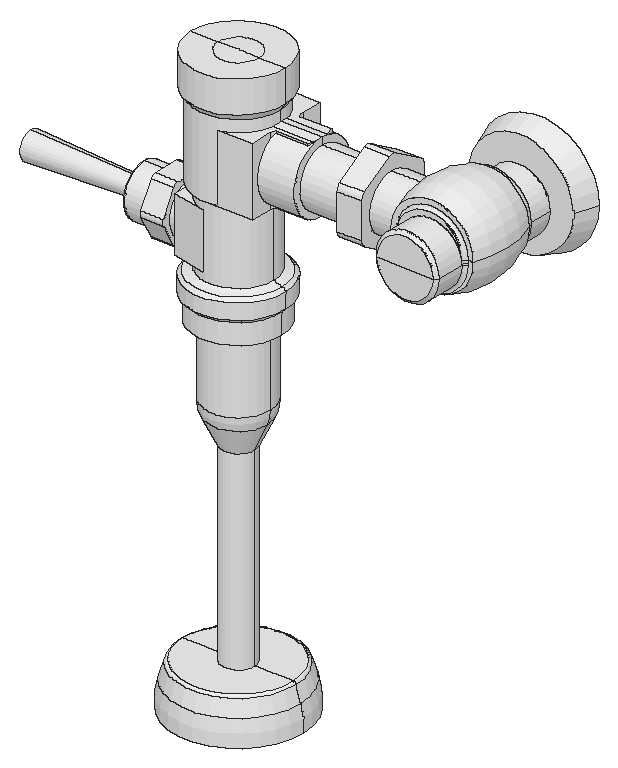
Revit family
Parameters (values of type "6045.101.002")
  Waste Connection = no
  WFU = 0
  Vent Connection = no
  URL = "http://www.americanstandard-us.com/"
  Type Comments = ""
  Revised Date = "14/12/2011"
  Product URL = "http://www.americanstandard-us.com/products/productDetail.aspx?id=4085"
  Phone # = "416-250-5656"
  Model = "6045.101.002"
  Material = Chrome Plated
  Manufacturer = "American Standard"
  Keynote = ""
  HWFU = 0
  HW Connection = no
  Designed By = "ATS BIM Team"
  Description = "Flush Valve, chrome plated, low consumption, 3.8 LPF (1.0 GPF) factory set flow, back-check angle stop, vacuum breaker, self-cleaning brass piston with integral wiper spring prevent clogging, non-hold handle, positive seal, cloramine-resistant EPDM seals, vacuum breaker. "
  Cost = 0
  CWFU = 0
  CW Connection = yes
  Assembly Code = "D2030400"
Reference planes (in)
  plane 1: y = 0
  plane 2: z = 0
  plane 3: x = 0
  plane 4: y = 11.66552
  plane 5: x = 5.14629
Forms (in)
  Revolve 1, solid, material "Chrome Plated" <- "Material"
    sketch origin (0, 9.42098, 0) x (1, 0, 0) y (0, 0, -1)
      loop
        line (0, 0) -> (0, -8.02362) -> (0.74805, -8.02362) -> (0.74805, -6.38702)
        arc (0.74805, -6.38702) -> (0.73141, -6.22565) -> (0.68219, -6.07107) r 0.79077
        line (0.68219, -6.07107) -> (0.37401, -5.43922) -> (0.37401, -0.98296) -> (1.2669, -0.98296)
        arc (1.2669, -0.98296) -> (1.30662, -0.96527) -> (1.33094, -0.92922) r 0.07888
        line (1.33094, -0.92922) -> (1.445, -0.57819)
        arc (1.445, -0.57819) -> (1.49945, -0.29162) -> (1.50577, 0) r 1.75769
        line (1.50577, 0) -> (0, 0)
      axis (0, 0) -> (0, -8.02362)
    angle from 0 to 360
  Revolve 2, solid, material "Chrome Plated" <- "Material"
    sketch origin (0, 9.42098, 0) x (1, 0, 0) y (0, 0, -1)
      loop
        line (0, -8.02362) -> (0, -10.85693) -> (0.82145, -10.85693) -> (0.82145, -9.09444)
        arc (0.82145, -9.09444) -> (0.91906, -9.05261) -> (1.02226, -9.02756) r 0.63729
        line (1.02226, -9.02756) -> (1.09953, -8.95028) -> (1.09953, -8.59291) -> (1.00391, -8.49728) -> (1.00391, -8.02362) -> (0, -8.02362)
      axis (0, -8.02362) -> (0, -10.85693)
    angle from 0 to 360
  Revolve 3, solid, material "Chrome Plated" <- "Material"
    sketch origin (0, 9.42098, 0) x (1, 0, 0) y (0, 0, -1)
      loop
        arc (0, -13.57527) -> (0.23337, -13.57037) -> (0.46629, -13.55512) r 5.25547
        line (0.46629, -13.55512) -> (1.08292, -13.55512) -> (1.08292, -12.81282)
        arc (1.08292, -12.81282) -> (1.02399, -12.74293) -> (0.97283, -12.66717) r 0.85918
        line (0.97283, -12.66717) -> (0.97283, -10.85693) -> (0, -10.85693) -> (0, -13.57527)
      axis (0, -10.85693) -> (0, -13.57527)
    angle from 0 to 360
  Revolve 4, solid, material "Chrome Plated" <- "Material"
    sketch origin (0, 9.42098, 0) x (1, 0, 0) y (0, 0, -1)
      loop
        line (-0.93307, -9.91339) -> (-4.77165, -9.91339) -> (-4.77165, -10.22945) -> (-2.3371, -10.13063)
        arc (-2.3371, -10.13063) -> (-2.26995, -10.19561) -> (-2.18898, -10.24225) r 0.38013
        line (-2.18898, -10.24225) -> (-2.18898, -10.47393)
        arc (-2.18898, -10.47393) -> (-2.1741, -10.49564) -> (-2.14914, -10.50395) r 0.04129
        line (-2.14914, -10.50395) -> (-0.93307, -10.50395) -> (-0.93307, -9.91339)
      axis (-0.93307, -9.91339) -> (-4.77165, -9.91339)
    angle from 0 to 360
  Extrusion 5, solid, material "Chrome Plated" <- "Material"
    sketch origin (0, 1.6649, 11.90653) x (0, -1, 0) y (1, 0, 0)
      loop
        line (-8.4057, -0.93307) -> (-7.7561, -0.93307) -> (-7.10649, -0.93307) -> (-6.94682, -0.16916)
        arc (-6.94682, -0.16916) -> (-7.7561, -0.7315) -> (-8.56538, -0.16916) r 0.8635
        line (-8.56538, -0.16916) -> (-8.4057, -0.93307)
    from -2.62306 to -1.36322
  Revolve 6, solid, material "Chrome Plated" <- "Material"
    sketch origin (0, 9.42098, -0.04687) x (1, 0, 0) y (0, 0, -1)
      loop
        line (0.96366, -11.66552) -> (0.96366, -12.47589) -> (1.92913, -12.47589) -> (1.92913, -12.32328) -> (3.11019, -12.32328) -> (3.11019, -11.66552) -> (0.96366, -11.66552)
      axis (0.96366, -11.66552) -> (3.11019, -11.66552)
    angle from 0 to 360
  Revolve 7, solid, material "Chrome Plated" <- "Material"
    sketch origin (0, 9.42098, 0) x (1, 0, 0) y (0, 0, -1)
      loop
        line (3.4252, -12.31102) -> (4.31102, -12.31102) -> (4.31102, -11.66552) -> (3.4252, -11.66552) -> (3.4252, -12.31102)
      axis (3.4252, -11.66552) -> (4.31102, -11.66552)
    angle from 0 to 360
  Extrusion 8, solid, material "Chrome Plated" <- "Material"
    sketch origin (0, 17.21386, 15.32126) x (1, 0, 0) y (0, 1, 0)
      loop
        line (0, -8.72854) -> (1.0748, -8.72854) -> (1.0748, -8.22125)
        arc (1.0748, -8.22125) -> (1.0849, -8.15818) -> (1.11417, -8.10141) r 0.20208
        line (1.11417, -8.10141) -> (1.85039, -8.10141) -> (1.91312, -7.86957) -> (1.91312, -7.64672) -> (1.85202, -7.41871) -> (1.11417, -7.41871)
        arc (1.11417, -7.41871) -> (1.08487, -7.35779) -> (1.0748, -7.29095) r 0.22698
        line (1.0748, -7.29095) -> (1.0748, -6.78366) -> (0, -6.78366) -> (0, -8.72854)
    from -4.49314 to -2.91834
  Revolve 9, solid, material "Chrome Plated" <- "Material"
    sketch origin (0, 1.66873, 11.64943) x (0, -1, 0) y (1, 0, 0)
      loop
        line (-6.8728, 5.09952) -> (-6.8728, 5.84952)
        arc (-6.8728, 5.84952) -> (-6.92669, 5.87184) -> (-6.94901, 5.92573) r 0.07621
        line (-6.94901, 5.92573) -> (-6.94901, 6.05027)
        arc (-6.94901, 6.05027) -> (-7.7499, 6.2134) -> (-8.55079, 6.05027) r 2.04757
        line (-8.55079, 6.05027) -> (-8.55079, 5.99992)
        arc (-8.55079, 5.99992) -> (-8.64744, 5.99616) -> (-8.72848, 5.94336) r 0.18179
        line (-8.72848, 5.94336) -> (-8.72848, 5.09952) -> (-6.8728, 5.09952)
      axis (-6.8728, 5.09952) -> (-8.72848, 5.09952)
    angle from 0 to 360
  Revolve 10, solid, material "Chrome Plated" <- "Material"
    sketch origin (0, 1.66867, 11.54524) x (0, -1, 0) y (1, 0, 0)
      loop
        line (-6.94901, 5.11811) -> (-6.94901, 4.31113)
        arc (-6.94901, 4.31113) -> (-6.92566, 4.36749) -> (-6.8693, 4.39084) r 0.07971
        line (-6.8693, 4.39084) -> (-6.23927, 4.39084) -> (-6.16161, 4.4685) -> (-6.16161, 5.11811) -> (-6.94901, 5.11811)
      axis (-6.94901, 5.11811) -> (-6.16161, 5.11811)
    angle from 0 to 360
  Revolve 11, solid, material "Chrome Plated" <- "Material"
    sketch origin (0, 17.31532, 11.54524) x (0, -1, 0) y (1, 0, 0)
      loop
        line (6.94901, 5.11811) -> (6.16161, 5.11811) -> (6.16161, 4.4685) -> (6.23927, 4.39084) -> (6.8693, 4.39084)
        arc (6.8693, 4.39084) -> (6.92566, 4.36749) -> (6.94901, 4.31113) r 0.07971
        line (6.94901, 4.31113) -> (6.94901, 5.11811)
      axis (6.94901, 5.11811) -> (6.16161, 5.11811)
    angle from 0 to 360
  Extrusion 12, solid, material "Chrome Plated" <- "Material"
    sketch origin (1.85528, 9.12127, 13.53793) x (0, -1, 0) y (0, 0, 1)
      loop
        arc (-0.71375, -4.21726) -> (-0.6577, -4.27332) -> (-0.58112, -4.29384) r 0.15315
        line (-0.58112, -4.29384) -> (0.01487, -4.29384)
        arc (0.01487, -4.29384) -> (0.09144, -4.27332) -> (0.1475, -4.21726) r 0.15315
        line (0.1475, -4.21726) -> (0.44549, -3.70112)
        arc (0.44549, -3.70112) -> (0.46601, -3.62455) -> (0.44549, -3.54797) r 0.15315
        line (0.44549, -3.54797) -> (0.1475, -3.03183)
        arc (0.1475, -3.03183) -> (0.09144, -2.97577) -> (0.01487, -2.95525) r 0.15315
        line (0.01487, -2.95525) -> (-0.58112, -2.95525)
        arc (-0.58112, -2.95525) -> (-0.6577, -2.97577) -> (-0.71375, -3.03183) r 0.15315
        line (-0.71375, -3.03183) -> (-1.01175, -3.54797)
        arc (-1.01175, -3.54797) -> (-1.03226, -3.62455) -> (-1.01175, -3.70112) r 0.15315
        line (-1.01175, -3.70112) -> (-0.71375, -4.21726)
    from 2.98127 to 3.49308
  Extrusion 13, solid, material "Chrome Plated" <- "Material"
    sketch origin (1.85528, 9.1842, 13.53793) x (0, -1, 0) y (0, 0, 1)
      loop
        arc (-0.37048, -2.88438) -> (-0.28313, -2.90778) -> (-0.19577, -2.88438) r 0.17471
        line (-0.19577, -2.88438) -> (0.51535, -2.47381)
        arc (0.51535, -2.47381) -> (0.57929, -2.40987) -> (0.6027, -2.32251) r 0.17471
        line (0.6027, -2.32251) -> (0.6027, -1.50138)
        arc (0.6027, -1.50138) -> (0.57929, -1.41403) -> (0.51535, -1.35008) r 0.17471
        line (0.51535, -1.35008) -> (-0.19577, -0.93952)
        arc (-0.19577, -0.93952) -> (-0.28313, -0.91611) -> (-0.37048, -0.93952) r 0.17471
        line (-0.37048, -0.93952) -> (-1.0816, -1.35008)
        arc (-1.0816, -1.35008) -> (-1.14555, -1.41403) -> (-1.16895, -1.50138) r 0.17471
        line (-1.16895, -1.50138) -> (-1.16895, -2.32251)
        arc (-1.16895, -2.32251) -> (-1.13404, -2.40322) -> (-1.0816, -2.47381) r 0.38188
        line (-1.0816, -2.47381) -> (-0.37048, -2.88438)
    from -1.6644 to -1.09354
  Blend 14, solid, material "Chrome Plated" <- "Material"
    base sketch origin (10.2644, 11.66552, 23.28284) x (-1, 0, 0) y (0, 0, -1)
      loop
        circle (5.14629, 11.64712) r 1.37795
    top sketch origin (10.2644, 11.66552, 23.28284) x (-1, 0, 0) y (0, 0, -1)
      loop
        circle (5.14629, 11.64712) r 1.20547
    from 0 to 0.51181
  Extrusion 15, solid, material "Chrome Plated" <- "Material"
    sketch origin (0, 11.77419, 23.90992) x (-1, 0, 0) y (0, 0, -1)
      loop
        circle (-5.14629, 12.27419) r 0.5
    from -0.2035 to 0.10867
